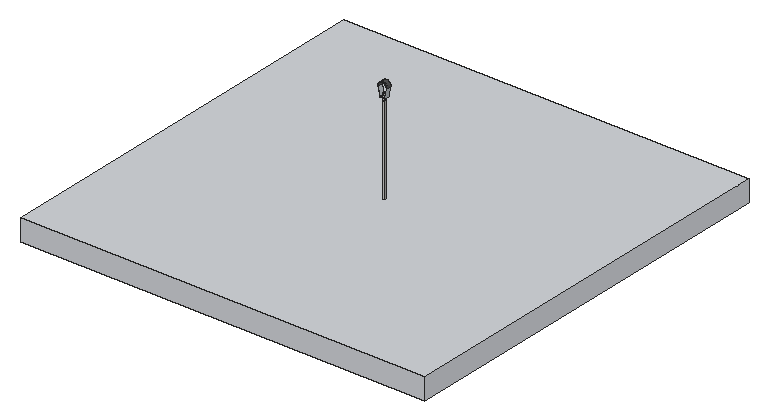
Revit family
Parameters (values of type "1.5"")
  URL = "http://www.us.schott.com/"
  Thread Radius = if(Nominal Diameter > 0' 4", 0' 0 1/4", 0' 0 3/16")  # 0' - 0 3/16"
  Subcategory = "Pipe Hanger"  # constant formula
  Strap Material = Zinc - Schott
  Sphere Of Influence Radius = 0' - 6"  # constant formula
  Series = "Kimax"  # constant formula
  Product URL = "http://www.us.schott.com/tubing/english/special_glass/processed_tubing/drainline/index.html"
  PipeOD = 1 215/256"
  Padding Material = Rubber - Schott
  Nominal Length [instance] = Distance from Ceiling to Pipe Center + Hanger Plus Padding OR  # 2' - 1.0332"
  Distance from Ceiling to Pipe Center [instance] = 2' - 0"
  Model Number = if(and(Nominal Diameter = 0' 1 1/2"), "7290-1500", if(and(Nominal Diameter = 0' 2"), "7290-2000", if(and(Nominal Diameter = 0' 3"), "7290-3000", if(and(Nominal Diameter = 0' 4"), "7290-4000", if(and(Nominal Diameter = 0' 6"), "7290-6000", "Enter Correct Pipe Size")))))  # "7290-1500"
  Model = "7290-1500"
  Manufacturer = "SCHOTT"  # constant formula
  Insert Radius = Thread Radius + 0' 0 1/8"  # 0' - 0 5/16"
  Hardware Material = Steel - Schott - Stainless
  Hanger Depth = 0' - 1"
  PipeOR = PipeOD / 2  # 0.91992"
  Nominal Radius = 3/4"
  Nominal Diameter = Nominal Radius * 2  # 1 1/2"
  HangerOR = PipeOR + F + 0' 0 1/32"  # 1.00195"
  Hanger Top Width = if(Nominal Diameter < 0' 3", 0' 1", 0' 1 1/2")  # 0' - 1"
  Hanger Plus Padding OR = PipeOR + Padding Thickness  # 1.0332"
  F = 13/256"
  Description = "Pipe Hanger-Padded"
  Default Elevation = 4' - 0"
  Padding Depth = Hanger Depth + 0' 0 1/16"  # 0' - 1 1/16"
  Padding Thickness = F + 0' 0 1/16"  # 29/256"
  Padding Angle = if(Nominal Diameter > 0' 3", 20.00°, if(Nominal Diameter < 0' 3", 10.00°, 15.00°))  # 10.00°
  CADworks URL = "http://www.CADworks.net"
  C = 0' - 3"
  Assembly Code = "D2090800"
  A = 0' - 0 7/8"
  95 CSI = "15100"  # constant formula
  04 CSI = "22 00 00"  # constant formula
Types (6): name | Thread Radius | PipeOD | Nominal Length | Model Number | Model | Insert Radius | PipeOR | Nominal Radius | Nominal Diameter | HangerOR | Hanger Top Width | Hanger Plus Padding OR | F | Padding Thickness | Padding Angle | C | A
  (no name) | 0' - 0 3/16" | 1 215/256" | 2' - 1.0332" | "7290-1500" | "7290-1500" | 0' - 0 5/16" | 0.91992" | 3/4" | 1 1/2" | 1.00195" | 0' - 1" | 1.0332" | 13/256" | 29/256" | 10.00° | 0' - 3" | 0' - 0 7/8"
  6" | 0' - 0 1/4" | 6 169/256" | 2' - 3.51758" | "7290-6000" | "7290-1500" | 0' - 0 3/8" | 3.33008" | 3" | 6" | 3.48633" | 0' - 1 1/2" | 3.51758" | 1/8" | 3/16" | 20.00° | 0' - 6 3/4" | 0' - 1 3/16"
  4" | 0' - 0 3/16" | 4 17/32" | 2' - 2 113/256" | "7290-4000" | "7290-4000" | 0' - 0 5/16" | 2 17/64" | 2" | 4" | 2 105/256" | 0' - 1 1/2" | 2 113/256" | 29/256" | 45/256" | 20.00° | 0' - 4 3/4" | 0' - 0 7/8"
  3" | 0' - 0 3/16" | 3 105/256" | 2' - 1.85742" | "7290-3000" | "7290-3000" | 0' - 0 5/16" | 1.70508" | 1 1/2" | 3" | 1.82617" | 0' - 1 1/2" | 1.85742" | 23/256" | 39/256" | 15.00° | 0' - 4" | 0' - 0 7/8"
  2" | 0' - 0 3/16" | 2 87/256" | 2' - 1.2832" | "7290-2000" | "7290-2000" | 0' - 0 5/16" | 1.16992" | 1" | 2" | 1.25195" | 0' - 1" | 1.2832" | 13/256" | 29/256" | 10.00° | 0' - 3 5/16" | 0' - 0 7/8"
  1.5" | 0' - 0 3/16" | 1 215/256" | 2' - 1.0332" | "7290-1500" | "7290-1500" | 0' - 0 5/16" | 0.91992" | 3/4" | 1 1/2" | 1.00195" | 0' - 1" | 1.0332" | 13/256" | 29/256" | 10.00° | 0' - 3" | 0' - 0 7/8"
Reference planes (in)
  plane 1 "Center (Front/Back)": y = 0
  plane 2: z = 0
  plane 3 "Center (Left/Right)": x = 0
  plane 4: z = 24
  plane 5: z = 21
  plane 6: z = 21.875
  plane 7: through (2.02094, -180, 24.35635) normal (0.1736, 0, -0.9848)
  plane 8: through (-2.02094, -180, 24.35635) normal (0.1736, 0, 0.9848)
Forms (in)
  Extrusion 1, solid
    sketch origin (0, 0, 0) x (1, 0, 0) y (0, 1, 0)
      loop
        line (-48, 48) -> (-48, -48) -> (48, -48) -> (48, 48) -> (-48, 48)
    from 0 to -5.0713
  Extrusion 2, solid, material "Steel - Schott - Stainless" <- "Hardware Material"
    sketch origin (0, 0, 0) x (1, 0, 0) y (0, 1, 0)
      loop
        circle (0, 0) r 0.1875
    from 0 to 22.375
  Extrusion 3, solid, material "Rubber - Schott" <- "Padding Material"
    sketch origin (0, 0, 0) x (1, 0, 0) y (0, 0, 1)
      loop
        arc (1.01751, 23.82059) -> (0, 25.0332) -> (-1.01751, 23.82059) r 1.0332
        line (-1.01751, 23.82059) -> (-0.90595, 23.84026)
        arc (-0.90595, 23.84026) -> (0, 24.91992) -> (0.90595, 23.84026) r 0.91992
        line (0.90595, 23.84026) -> (1.01751, 23.82059)
    from -0.53125 to 0.53125
  Extrusion 4, solid, material "Zinc - Schott" <- "Strap Material"
    sketch origin (0, 0, 0) x (1, 0, 0) y (0, 0, 1)
      loop
        line (-0.98673, 23.82601) -> (-0.6131, 21.70703) -> (0.5, 21.70703) -> (0.5, 21.75781) -> (-0.57049, 21.75781) -> (-0.93672, 23.83483) -> (-0.98673, 23.82601)
      loop
        line (0.98673, 23.82601) -> (0.93672, 23.83483) -> (0.55602, 21.67578) -> (-0.5, 21.67578) -> (-0.5, 21.625) -> (0.59863, 21.625) -> (0.98673, 23.82601)
    from -0.5 to 0.5
  Extrusion 5, solid, material "Steel - Schott - Stainless" <- "Hardware Material"
    sketch origin (0, 0, 0) x (1, 0, 0) y (0, 1, 0)
      loop
        circle (0, 0) r 0.3125
    from 21 to 21.625
  Extrusion 6, solid, material "Steel - Schott - Stainless" <- "Hardware Material"
    sketch origin (0, 0, 0) x (1, 0, 0) y (0, 1, 0)
      loop
        circle (0, 0) r 0.3125
    from 22.06641 to 21.75781
Lines and regions (in)
  reference lines
    curve 1: circle (0, 0, 24) r 0.91992 normal (0, -1, 0)
    curve 2: circle (0, 0, 24) r 1.0332 normal (0, -1, 0)
    curve 3: circle (0, 0, 24) r 1.00195 normal (0, -1, 0)
  symbolic lines
    curve 4: circle (0, 0, 0) r 6 normal (0, 0, 1)
Dimensions and locks (in)
  "Distance from Ceiling to Pipe Center": plane 4 to plane 2
  locked: plane 3 "Center (Left/Right)" to curve 1 at 0
  locked: plane 4 to curve 1 at 0
  "C": plane 4 to plane 5
  locked: plane 3 "Center (Left/Right)" to curve 2 at 0
  locked: plane 4 to curve 2 at 0
  "A": plane 6 to plane 5
  locked: plane 4 to curve 3 at 0
  plane 3 "Center (Left/Right)" to curve 3 = 0' - 0"
  plane 3 "Center (Left/Right)" to Extrusion 2 sketch curve = 0' - 0"
  locked: plane 1 "Center (Front/Back)" to Extrusion 2 sketch curve at 0
  locked: Extrusion 2 to plane 6 at 0.5
  locked: plane 4 to plane 7 at 0
  locked: plane 4 to plane 8 at 0
  "F": Extrusion 4 sketch curve to Extrusion 4 sketch curve  (x4)
  locked: Extrusion 3 to Extrusion 4 sketch curve at 0.03125
  locked: Extrusion 4 sketch curve to Extrusion 3 at 0.03125
  equal spacing: Extrusion 4 sketch curve, plane 3 "Center (Left/Right)", Extrusion 4 sketch curve
  "Hanger Top Width": Extrusion 4 sketch curve to Extrusion 4 sketch curve
  locked: Extrusion 4 sketch curve to plane 5 at 0.625
  locked: Extrusion 4 sketch curve to Extrusion 4 sketch curve at 0.03125
  equal spacing: Extrusion 4, plane 1 "Center (Front/Back)", Extrusion 4
  "Hanger Depth": Extrusion 4 to Extrusion 4
  equal spacing: Extrusion 3, plane 1 "Center (Front/Back)", Extrusion 3
  "Padding Depth": Extrusion 3 to Extrusion 3
  locked: plane 1 "Center (Front/Back)" to Extrusion 5 sketch curve at 0
  locked: plane 3 "Center (Left/Right)" to Extrusion 5 sketch curve
  locked: plane 1 "Center (Front/Back)" to Extrusion 6 sketch curve at 0
  locked: plane 3 "Center (Left/Right)" to Extrusion 6 sketch curve
  equal spacing: Extrusion 2, Extrusion 6, Extrusion 4
  locked: plane 1 "Center (Front/Back)" to curve 4 at 0
  locked: plane 3 "Center (Left/Right)" to curve 4 at 0
  "PipeOR": radius of curve 1
  "Hanger Plus Padding OR": radius of curve 2
  "HangerOR": radius of curve 3
  "Thread Radius": radius of Extrusion 2 sketch curve
  "Insert Radius": radius of Extrusion 5 sketch curve
  "Insert Radius": radius of Extrusion 6 sketch curve
  "Sphere Of Influence Radius": radius of curve 4
  "Padding Angle": angle plane 4 to plane 7
  "Padding Angle": angle plane 8 to plane 4
  locked: Extrusion 4 sketch curve to plane 7 (angle 90.00°)
  locked: plane 8 to Extrusion 4 sketch curve (angle 90.00°)
  aligned and locked: Extrusion 1 to plane 2
  aligned and locked: level to Extrusion 1
  aligned and locked: Extrusion 2 to plane 2
  aligned and locked: Extrusion 3 sketch curve to curve 1
  aligned and locked: Extrusion 3 sketch curve to curve 2
  aligned and locked: Extrusion 3 sketch curve to plane 7
  aligned and locked: Extrusion 3 sketch curve to plane 8
  aligned and locked: plane 7 to Extrusion 4 sketch curve
  aligned and locked: plane 8 to Extrusion 4 sketch curve
  aligned and locked: Extrusion 5 to Extrusion 4
  aligned and locked: Extrusion 5 to plane 5
  aligned: plane 6 to Extrusion 6
  aligned: Extrusion 6 to Extrusion 4
  aligned and locked: Extrusion 6 to Extrusion 4
Automatic sketch dimensions
  Extrusion 1 sketch curve to Extrusion 1 sketch curve = 8' - 0"  (x2)
